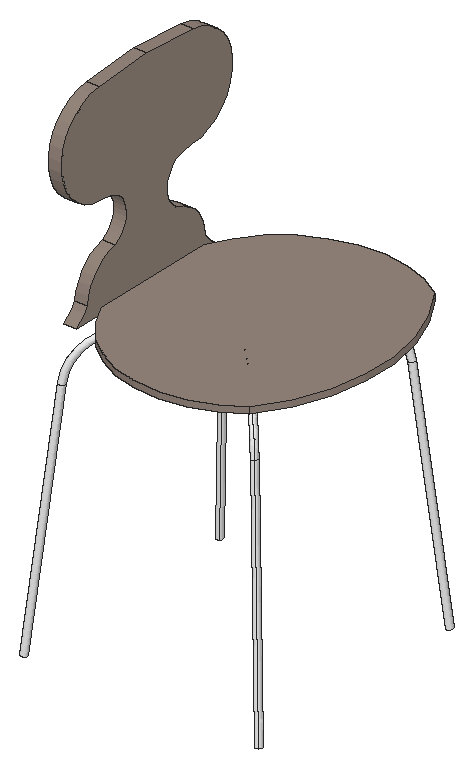
Revit family "Chair 3", category Furniture, Revit 2023
Family settings
  Work Plane-Based = No
  Enable Cutting in Views = No
  Always vertical = Yes
  Cut with Voids When Loaded = No
  Render Appearance Source = Family Geometry
  Shared = No
  Room Calculation Point = No
Parameters
  Keynote = "12600"
  Manufacturer = ""
  Default Elevation = 0 mm
  Bracket Material = Herman Miller - Finish 47 Trivalent Chrome
  Model = ""
  Cushion/Chair Back Material = Herman Miller - Veneer Z5 Maple
Reference planes
  plane 1 "Center F/B": y = -198.997
  plane 2: z = 0
  plane 3 "Center L/R": x = -1.022
Forms (mm)
  Sweep 1, solid, material "Herman Miller - Finish 47 Trivalent Chrome" <- "Bracket Material"
    path origin (61.052, -65.204, 45) x (0, 0, -1) y (0.707107, -0.707107, 0)
      loop
        line (45, -82.843) -> (-332.364, -36.508)
        arc (-332.364, -36.508) -> (-382.531, -10.114) -> (-402.615, 42.895) r 80
        line (-402.615, 42.895) -> (-402.615, 181.322)
    profile origin (18.855, -23.007, 188.682) x (-0.701836, 0.701836, 0.121869) y (-0.707107, -0.707107, 0)
      loop
        circle (0, 0) r 5
  Sweep 2, solid, material "Herman Miller - Finish 47 Trivalent Chrome" <- "Bracket Material"
    path origin (57.516, -325.168, 45) x (0, 0, -1) y (0.707107, 0.707107, 0)
      loop
        line (45, -82.843) -> (-332.364, -36.508)
        arc (-332.364, -36.508) -> (-382.531, -10.114) -> (-402.615, 42.895) r 80
        line (-402.615, 42.895) -> (-402.615, 181.322)
    profile origin (15.319, -367.364, 188.682) x (-0.701836, -0.701836, 0.121869) y (0.707107, -0.707107, 0)
      loop
        circle (0, 0) r 5
  Sweep 3, solid, material "Herman Miller - Finish 47 Trivalent Chrome" <- "Bracket Material"
    path origin (303.338, -65.204, 45) x (0, 0, -1) y (0.707107, 0.707107, 0)
      loop
        line (45, 82.843) -> (-332.364, 36.508)
        arc (-332.364, 36.508) -> (-382.531, 10.114) -> (-402.615, -42.895) r 80
        line (-402.615, -42.895) -> (-402.615, -181.322)
    profile origin (345.535, -23.007, 188.682) x (0.701836, 0.701836, 0.121869) y (-0.707107, 0.707107, 0)
      loop
        circle (0, 0) r 5
  Sweep 4, solid, material "Herman Miller - Finish 47 Trivalent Chrome" <- "Bracket Material"
    path origin (306.873, -325.168, 45) x (0, 0, -1) y (0.707107, -0.707107, 0)
      loop
        line (45, 82.843) -> (-332.364, 36.508)
        arc (-332.364, 36.508) -> (-382.531, 10.114) -> (-402.615, -42.895) r 80
        line (-402.615, -42.895) -> (-402.615, -181.322)
    profile origin (349.07, -367.364, 188.682) x (0.701836, -0.701836, 0.121869) y (0.707107, 0.707107, 0)
      loop
        circle (0, 0) r 5
  Extrusion 5, solid, material "Herman Miller - Veneer Z5 Maple" <- "Cushion/Chair Back Material"
    sketch origin (0, 0, 0) x (1, 0, 0) y (0, 1, 0)
      loop
        arc (340, -9.099) -> (152.776, 17.913) -> (32.728, -128.274) r 192.616
        line (32.728, -128.274) -> (32.728, -249.923)
        arc (32.728, -249.923) -> (152.776, -396.11) -> (340, -369.099) r 192.616
        arc (340, -369.099) -> (400.673, -189.099) -> (340, -9.099) r 297.34
    from 450 to 460
  Extrusion 6, solid, material "Herman Miller - Veneer Z5 Maple" <- "Cushion/Chair Back Material"
    sketch origin (390, -409.099, -27.081) x (0, 0, -1) y (0, 1, 0)
      loop
        arc (-498.809, 95.839) -> (-486.21, 86.065) -> (-477.081, 72.99) r 53.087
        line (-477.081, 72.99) -> (-477.081, 347.212)
        arc (-477.081, 347.212) -> (-486.21, 334.138) -> (-498.809, 324.364) r 53.087
        arc (-498.809, 324.364) -> (-539.073, 308.301) -> (-561.143, 270.989) r 67.175
        arc (-561.143, 270.989) -> (-601.737, 249.17) -> (-634.197, 281.887) r 38.521
        line (-634.197, 281.887) -> (-636.604, 298.938)
        arc (-636.604, 298.938) -> (-714.694, 376.726) -> (-796.127, 302.444) r 79.872
        line (-796.127, 302.444) -> (-802.584, 210.101) -> (-796.127, 117.759)
        arc (-796.127, 117.759) -> (-714.694, 43.477) -> (-636.604, 121.265) r 79.872
        line (-636.604, 121.265) -> (-634.197, 138.316)
        arc (-634.197, 138.316) -> (-601.737, 171.033) -> (-561.143, 149.213) r 38.521
        arc (-561.143, 149.213) -> (-539.073, 111.901) -> (-498.809, 95.839) r 67.175
    from -367.272 to -347.272
Dimensions and locks
  aligned and locked: plane 1 "Center F/B" to Extrusion 6
